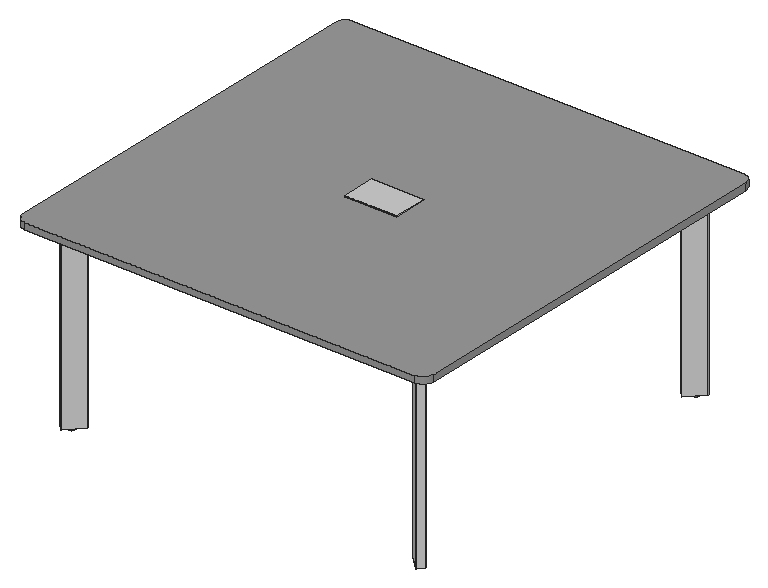
Revit family "Haworth_Planes_ConferenceDesk_Square_AP_PRELIMINARY", category Furniture, Revit 2019
Family settings
  OmniClass Number = 23.40.70.14.64.21
  OmniClass Title = Systems Furniture
  Work Plane-Based = No
  Always vertical = Yes
  Cut with Voids When Loaded = No
  Shared = No
  Room Calculation Point = No
Parameters (values of type "1600w")
  Warranty = "http://www.haworth.com/resources/product-info/warranties"
  URL - Product = "https://www.haworth.com/ap/en/products/conference-tables/planes-0.html"
  Top Finish [instance] = Haworth _ Laminate _ Undecided _ Tables
  Support Finish [instance] = Haworth _ Paint _ Undecided _ Table
  Model = "WOPLTCS"  # constant formula
  Leg Height = Actual Height - 25 mm  # 715 mm
  Glide Finish = Haworth _ Polymer _ Black
  Flip Top Finish = Haworth _ Paint _ Undecided _ Table
  Flip Top = yes
  Description = "Haworth - Planes - Conference Table - Square"  # constant formula
  URL = "https://www.haworth.com/ap/en.html"
  Size = "Verify Final Dim. w/ Haworth"  # constant formula
  Revision Number = "1"  # constant formula
  Manufacturer = "Haworth"  # constant formula
  Author = "Haworth (Abd Rahman)"  # constant formula
  Assembly Code = "E2020200"
  Actual Width = 1600 mm
  Actual Height = 740 mm  # constant formula
  Actual Depth = Actual Width  # 1600 mm
Types (5, lengths in mm): name | Flip Top | Actual Width | Actual Depth
  (no name) | yes | 1600 | 1600
  1000w | no | 1000 | 1000
  1200w | yes | 1200 | 1200
  1400w | no | 1400 | 1400
  1600w | yes | 1600 | 1600
Reference planes
  plane 1 "Center F/B": y = 0
  plane 2: z = 0
  plane 3 "Top": z = 740
  plane 4: x = 0
  plane 5: z = 715
  plane 6: x = -800
  plane 7: x = 800
  plane 8: y = 800
  plane 9: y = -800
  plane 10: x = -670
  plane 11: x = 670
  plane 12: y = -670
  plane 13: y = 670
Dimensions and locks
  "Actual Height": plane 3 "Top" to level
  "Actual Width": plane 6 to plane 7
  equal spacing: plane 6, plane 4, plane 7
  equal spacing: plane 8, plane 1 "Center F/B", plane 9
  "Actual Depth": plane 8 to plane 9
  locked: plane 3 "Top" to plane 5 at 25
  locked: plane 6 to plane 10 at 130
  locked: plane 11 to plane 7 at 130
  locked: plane 12 to plane 9 at 130
  locked: plane 13 to plane 8 at 130
  aligned and locked: nested 1 to plane 4
  aligned and locked: plane 1 "Center F/B" to nested 1
  aligned and locked: plane 3 "Top" to nested 1
  aligned and locked: nested 2 to plane 4
  aligned and locked: plane 1 "Center F/B" to nested 2
  aligned and locked: nested 2 to plane 3 "Top"
  aligned and locked: nested 3 to plane 11
  aligned and locked: plane 13 to nested 3
  aligned and locked: nested 4 to plane 13
  aligned and locked: nested 4 to plane 10
  aligned and locked: plane 12 to nested 6
  aligned and locked: nested 5 to plane 12
  aligned and locked: nested 6 to plane 10
  aligned and locked: nested 5 to plane 11
  aligned and locked: level to nested 6
  aligned and locked: nested 4 to level
  aligned and locked: nested 5 to level
  aligned and locked: level to nested 3
Nested families
  nested 1: "Haworth_Planes_Top_AP-PART" at (556.859, 72.1, 5), Top Finish <- "Top Finish", type "Conference Desk - Top"
    with Top Finish Haworth _ Laminate _ Undecided _ Tables, Squared Corners no, Round Table no, Actual Width 1600 mm, Actual Depth 1600 mm
  nested 2: "Haworth-Flip Top" at (-14.487, -1.333, -60), visible <- "Flip Top", type "Flip Top - Visio"
    with Actual Width 200 mm, Actual Depth 130 mm
  nested 3: "Haworth_Planes_InteriorLeg_AP-PART" at (1301.859, 962.1, 0), Leg Finish <- "Support Finish", type "Interior Leg"
    with Leg Finish Haworth _ Paint _ Undecided _ Table, Actual Height 715 mm
  nested 4: "Haworth_Planes_InteriorLeg_AP-PART" at (-1301.859, 962.1, 0) x (-1, 0, 0) z (0, 0, 1), Leg Finish <- "Support Finish", type "Interior Leg"
    with Leg Finish Haworth _ Paint _ Undecided _ Table, Actual Height 715 mm
  nested 5: "Haworth_Planes_InteriorLeg_AP-PART" at (1301.859, -962.1, 0), Leg Finish <- "Support Finish", type "Interior Leg"
    with Leg Finish Haworth _ Paint _ Undecided _ Table, Actual Height 715 mm
  nested 6: "Haworth_Planes_InteriorLeg_AP-PART" at (-1301.859, -962.1, 0) x (-1, 0, 0) z (0, 0, 1), Leg Finish <- "Support Finish", type "Interior Leg"
    with Leg Finish Haworth _ Paint _ Undecided _ Table, Actual Height 715 mm
Definition of nested family "Haworth_Planes_Top_AP-PART"
  Parameters (values of type "Conference Desk - Top")
    Warranty = "http://www.haworth.com/resources/product-info/warranties"
    URL - Product = ""
    URL = ""
    Top Finish [instance] = none
    Thickness = 25 mm
    Squared Corners = yes
    Size = "Verify Final Dim. w/ Haworth"  # constant formula
    Rounded Corners = yes
    Round Table = yes
    Revision Number = "1"  # constant formula
    Model = ""
    Manufacturer = "Haworth"  # constant formula
    Description = ""
    Author = "Haworth (Abd Rahman)"  # constant formula
    Assembly Code = "E2020200"
    Actual Width = 2000 mm
    Actual Mounting Height = 450 mm
    Actual Diameter = 600 mm
    Actual Depth = 1200 mm
  Reference planes
    plane 1: z = -5
    plane 2: x = -1556.859
    plane 3: x = 443.141
    plane 4: x = -556.859
    plane 5: y = 527.9
    plane 6: y = -672.1
    plane 7: y = -72.1
    plane 8: z = 735
    plane 9: z = 710
    plane 10: x = 438.203
    plane 11: x = -1551.922
    plane 12: y = 523.298
    plane 13: y = -667.498
  Forms (mm)
    Extrusion 1, solid, material <- "Top Finish", visible <- "Squared Corners"
      sketch origin (0, 0, -5) x (1, 0, 0) y (0, 1, 0)
        loop
          line (-1556.859, 527.9) -> (-1556.859, -672.1) -> (443.141, -672.1) -> (443.141, 527.9) -> (-1556.859, 527.9)
      from 715 to 740
    Extrusion 2, solid, material <- "Top Finish", visible <- "Rounded Corners"
      sketch origin (0, 0, -5) x (1, 0, 0) y (0, 1, 0)
        loop
          arc (-1511.922, 523.298) -> (-1540.206, 511.583) -> (-1551.922, 483.298) r 40
          line (-1551.922, 483.298) -> (-1551.922, -627.498)
          arc (-1551.922, -627.498) -> (-1540.206, -655.783) -> (-1511.922, -667.498) r 40
          line (-1511.922, -667.498) -> (398.203, -667.498)
          arc (398.203, -667.498) -> (426.488, -655.783) -> (438.203, -627.498) r 40
          line (438.203, -627.498) -> (438.203, 483.298)
          arc (438.203, 483.298) -> (426.488, 511.583) -> (398.203, 523.298) r 40
          line (398.203, 523.298) -> (-1511.922, 523.298)
      from 715 to 740
    Extrusion 3, solid, material <- "Top Finish", visible <- "Round Table"
      sketch origin (0, 0, -5) x (1, 0, 0) y (0, 1, 0)
        loop
          circle (-556.859, -72.1) r 600
      from 715 to 740
  Lines and regions (mm)
    Masking region 1, visible <- "Squared Corners"
      outline origin (0, 0, -5) x (1, 0, 0) y (0, 1, 0)
        loop
          line (-1556.859, 527.9) -> (-1556.859, -672.1) -> (443.141, -672.1) -> (443.141, 527.9) -> (-1556.859, 527.9)
    Masking region 2, visible <- "Rounded Corners"
      outline origin (0, 0, -5) x (1, 0, 0) y (0, 1, 0)
        loop
          arc (-1516.859, 527.9) -> (-1545.143, 516.184) -> (-1556.859, 487.9) r 40
          line (-1556.859, 487.9) -> (-1556.859, -632.1)
          arc (-1556.859, -632.1) -> (-1545.143, -660.384) -> (-1516.859, -672.1) r 40
          line (-1516.859, -672.1) -> (403.141, -672.1)
          arc (403.141, -672.1) -> (431.425, -660.384) -> (443.141, -632.1) r 40
          line (443.141, -632.1) -> (443.141, 487.9)
          arc (443.141, 487.9) -> (431.425, 516.184) -> (403.141, 527.9) r 40
          line (403.141, 527.9) -> (-1516.859, 527.9)
    Masking region 3, visible <- "Round Table"
      outline origin (0, 0, -5) x (1, 0, 0) y (0, 1, 0)
        loop
          circle (-556.859, -72.1) r 600
  Dimensions and locks
    equal spacing: plane 2, plane 4, plane 3
    equal spacing: plane 6, plane 7, plane 5
    "Actual Width": plane 2 to plane 3
    "Actual Depth": plane 6 to plane 5
    locked: plane 8 to plane 9 at 25
    locked: plane 2 to plane 11 at 4.937
    locked: plane 10 to plane 3 at 4.938
    locked: plane 12 to plane 5 at 4.602
    locked: plane 6 to plane 13 at 4.602
    "Actual Diameter": radius of Extrusion 3 sketch curve
    "Actual Diameter": radius of Masking region 3 sketch curve
    aligned and locked: level to plane 1
    aligned and locked: plane 3 to Extrusion 1 sketch curve
    aligned and locked: plane 5 to Extrusion 1 sketch curve
    aligned and locked: Extrusion 1 sketch curve to plane 6
    aligned and locked: Extrusion 1 sketch curve to plane 2
    aligned and locked: plane 8 to Extrusion 1
    aligned and locked: Extrusion 1 to plane 9
    aligned and locked: plane 10 to Extrusion 2 sketch curve
    aligned and locked: Extrusion 2 sketch curve to plane 12
    aligned and locked: Extrusion 2 sketch curve to plane 13
    aligned and locked: plane 11 to Extrusion 2 sketch curve
    aligned and locked: Extrusion 2 to plane 9
    aligned and locked: plane 3 to Masking region 1 sketch curve
    aligned and locked: Masking region 1 sketch curve to plane 6
    aligned and locked: plane 5 to Masking region 1 sketch curve
    aligned and locked: Masking region 1 sketch curve to plane 2
    aligned and locked: plane 3 to Masking region 2 sketch curve
    aligned and locked: Masking region 2 sketch curve to plane 6
    aligned and locked: plane 5 to Masking region 2 sketch curve
    aligned and locked: Masking region 2 sketch curve to plane 2
    aligned and locked: plane 8 to Extrusion 2
    aligned and locked: plane 4 to Extrusion 3 sketch curve
    aligned and locked: plane 7 to Extrusion 3 sketch curve
    aligned and locked: plane 8 to Extrusion 3
    aligned and locked: Extrusion 3 to plane 9
    aligned and locked: plane 4 to Masking region 3 sketch curve
    aligned and locked: plane 7 to Masking region 3 sketch curve
  Automatic sketch dimensions
    plane 11 to Extrusion 2 sketch curve = 40 mm  (x2)
    plane 10 to Extrusion 2 sketch curve = 40 mm  (x2)
    Extrusion 2 sketch curve to plane 13 = 40 mm  (x2)
    plane 11 to Masking region 2 sketch curve = 35.063 mm  (x2)
    plane 10 to Masking region 2 sketch curve = 35.062 mm  (x2)
Definition of nested family "Haworth-Flip Top"
  Parameters (values of type "Flip Top - Visio")
    Warranty = ""
    URL - Product = ""
    URL = ""
    Sustainability Info = ""
    Size = "Verify Final Dim. w/ Haworth"  # constant formula
    Single Sided = no
    Single Sided Wide = yes
    Revision Number = ""
    OmniClass Number = ""
    Material Options = ""
    Manufacturer = "Haworth"  # constant formula
    LEED Data = ""
    Flip Top Height = 25 mm
    Flip Top Finish = none
    Double Sided = no
    Double Sided Wide = no
    Author = "SHAPE Environments, LLC"  # constant formula
    Assembly Code = ""
    Actual Width = 500 mm
    Actual Height = 800 mm
    Actual Depth = 110 mm
  Reference planes
    plane 1 "Center F/B": y = 1.333
    plane 2: z = 0
    plane 3 "Center L/R": x = 14.487
    plane 4 "Back": y = 56.333
    plane 5 "Right": x = 264.487
    plane 6 "Front": y = -53.667
    plane 7 "Left": x = -235.513
    plane 8 "Table Height": z = 800
    plane 9: z = 775
  Forms (mm)
    Extrusion 1, solid, material <- "Flip Top Finish"
      sketch origin (0, 0, 800) x (-1, 0, 0) y (0, -1, 0)
        loop
          line (235.513, -56.333) -> (235.513, 53.667) -> (-264.487, 53.667) -> (-264.487, -56.333) -> (235.513, -56.333)
      from 0 to 3.175
    Extrusion 2, solid, material <- "Flip Top Finish"
      sketch origin (0, 0, 800) x (-1, 0, 0) y (0, -1, 0)
        loop
          line (232.338, -51.571) -> (232.338, 48.904) -> (-261.312, 48.904) -> (-261.312, -51.571) -> (232.338, -51.571)
      from 0 to -25
  Cuts and joins
    joined: Extrusion 1, Extrusion 2
  Lines and regions (mm)
    symbolic lines
      curve 1: line (-235.513, 56.333, 800) -> (264.487, 56.333, 800)
      curve 2: line (-235.513, -53.667, 800) -> (-235.513, 56.333, 800)
      curve 3: line (264.487, -53.667, 800) -> (-235.513, -53.667, 800)
      curve 4: line (264.487, 56.333, 800) -> (264.487, -53.667, 800)
  Dimensions and locks
    equal spacing: plane 7 "Left", plane 3 "Center L/R", plane 5 "Right"
    "Actual Width": plane 7 "Left" to plane 5 "Right"
    equal spacing: plane 6 "Front", plane 1 "Center F/B", plane 4 "Back"
    "Actual Depth": plane 4 "Back" to plane 6 "Front"
    plane 7 "Left" to Extrusion 2 sketch curve = 3.175 mm
    plane 4 "Back" to Extrusion 2 sketch curve = 4.762 mm
    Extrusion 2 sketch curve to plane 5 "Right" = 3.175 mm
    Extrusion 2 sketch curve to plane 6 "Front" = 4.763 mm
    "Actual Height": plane 8 "Table Height" to level
    "Flip Top Height": plane 8 "Table Height" to plane 9
    aligned and locked: plane 7 "Left" to Extrusion 1 sketch curve
    aligned and locked: Extrusion 1 sketch curve to plane 4 "Back"
    aligned and locked: Extrusion 1 sketch curve to plane 6 "Front"
    aligned and locked: Extrusion 1 sketch curve to plane 5 "Right"
    aligned and locked: cut or joined group of Extrusion 1, Extrusion 2 to plane 9
  Automatic sketch dimensions
    curve 4 to plane 5 "Right" = 0 mm
    curve 2 to plane 4 "Back" = 0 mm
    curve 2 to plane 7 "Left" = 0 mm
    curve 4 to plane 6 "Front" = 0 mm
Definition of nested family "Haworth_Planes_InteriorLeg_AP-PART"
  Parameters (values of type "Interior Leg")
    Warranty = "http://www.haworth.com/resources/product-info/warranties"
    URL - Product = ""
    URL = "https://www.haworth.com/ap/en.html"
    Size = "Verify Final Dim. w/ Haworth"  # constant formula
    Revision Number = "1"  # constant formula
    Model = ""
    Manufacturer = "Haworth"  # constant formula
    Leg Finish [instance] = none
    Glide Finish = none
    Description = ""
    Author = "Haworth (Abd Rahman)"  # constant formula
    Assembly Code = "E2020200"
    Actual Width = 190 mm  # constant formula
    Actual Height = 700 mm
    Actual Depth = 190 mm  # constant formula
  Reference planes
    plane 1: z = 0
    plane 2 "Center F/B": y = -292.1
    plane 3 "Top": z = 700
    plane 4: z = 692
    plane 5: x = -631.859
    plane 6: y = -209.465
    plane 7: y = -399.465
    plane 8: x = -543.029
    plane 9: x = -733.029
    plane 10: z = 5.995
  Forms (mm)
    Extrusion 1, solid, material <- "Leg Finish"
      sketch origin (5860.38, -452.873, 0) x (1, 0, 0) y (0, 1, 0)
        loop
          line (-6454.785, 176.424) -> (-6473.569, 195.207)
          arc (-6473.569, 195.207) -> (-6474.283, 195.503) -> (-6474.998, 195.207) r 1.011
          line (-6474.998, 195.207) -> (-6531.948, 138.258)
          arc (-6531.948, 138.258) -> (-6532.241, 137.55) -> (-6531.948, 136.843) r 1
          line (-6531.948, 136.843) -> (-6513.189, 118.084)
          arc (-6513.189, 118.084) -> (-6512.45, 117.778) -> (-6511.71, 118.084) r 1.046
          line (-6511.71, 118.084) -> (-6454.785, 175.009)
          arc (-6454.785, 175.009) -> (-6454.492, 175.717) -> (-6454.785, 176.424) r 1
      from 5.995 to 692
    Extrusion 2, solid, material <- "Leg Finish"
      sketch origin (5860.38, -452.873, 0) x (1, 0, 0) y (0, 1, 0)
        loop
          line (-6426.372, 171.44) -> (-6478.942, 224.011)
          arc (-6478.942, 224.011) -> (-6482.478, 225.475) -> (-6486.013, 224.011) r 5
          line (-6486.013, 224.011) -> (-6501.788, 208.236)
          arc (-6501.788, 208.236) -> (-6509.725, 206.834) -> (-6513.763, 213.809) r 7.03
          line (-6513.763, 213.809) -> (-6512.918, 223.661)
          arc (-6512.918, 223.661) -> (-6513.853, 226.61) -> (-6516.599, 228.036) r 4.044
          line (-6516.599, 228.036) -> (-6543.901, 230.395)
          arc (-6543.901, 230.395) -> (-6545.581, 230.843) -> (-6547.006, 231.841) r 5
          line (-6547.006, 231.841) -> (-6554.227, 239.061)
          arc (-6554.227, 239.061) -> (-6556.792, 240.856) -> (-6559.816, 241.664) r 9
          line (-6559.816, 241.664) -> (-6580.001, 243.408)
          arc (-6580.001, 243.408) -> (-6583.649, 242.253) -> (-6585.413, 238.857) r 5
          line (-6585.413, 238.857) -> (-6593.408, 146.323)
          arc (-6593.408, 146.323) -> (-6592.254, 142.674) -> (-6588.857, 140.911) r 5
          line (-6588.857, 140.911) -> (-6558.479, 138.286)
          arc (-6558.479, 138.286) -> (-6556.799, 137.837) -> (-6555.374, 136.84) r 5
          line (-6555.374, 136.84) -> (-6513.16, 94.626)
          arc (-6513.16, 94.626) -> (-6512.163, 93.201) -> (-6511.714, 91.521) r 5
          line (-6511.714, 91.521) -> (-6509.089, 61.143)
          arc (-6509.089, 61.143) -> (-6507.326, 57.746) -> (-6503.677, 56.592) r 5
          line (-6503.677, 56.592) -> (-6411.641, 64.544)
          arc (-6411.641, 64.544) -> (-6407.905, 66.484) -> (-6406.635, 70.497) r 5.5
          line (-6406.635, 70.497) -> (-6408.336, 90.184)
          arc (-6408.336, 90.184) -> (-6409.144, 93.208) -> (-6410.939, 95.773) r 9
          line (-6410.939, 95.773) -> (-6418.236, 103.07)
          arc (-6418.236, 103.07) -> (-6419.056, 104.239) -> (-6419.429, 105.616) r 4.131
          line (-6419.429, 105.616) -> (-6421.969, 133.464)
          arc (-6421.969, 133.464) -> (-6423.384, 136.167) -> (-6426.294, 137.086) r 4
          line (-6426.294, 137.086) -> (-6436.271, 136.23)
          arc (-6436.271, 136.23) -> (-6443.217, 140.252) -> (-6441.82, 148.156) r 7.001
          line (-6441.82, 148.156) -> (-6426.372, 163.604)
          arc (-6426.372, 163.604) -> (-6424.749, 167.522) -> (-6426.372, 171.44) r 5.541
      from 692 to 700
    Extrusion 3, solid, material <- "Glide Finish"
      sketch origin (35.938, -51.741, 0) x (1, 0, 0) y (0, 1, 0)
        loop
          line (-661.294, -228.493) -> (-671.815, -228.493) -> (-679.255, -235.933) -> (-679.255, -246.454) -> (-671.815, -253.893) -> (-661.294, -253.893) -> (-653.855, -246.454) -> (-653.855, -235.933) -> (-661.294, -228.493)
      from 0 to 5.995
  Lines and regions (mm)
    Masking region 1
      outline origin (0, 0, 0) x (1, 0, 0) y (0, 1, 0)
        loop
          line (-565.992, -281.433) -> (-618.563, -228.862)
          arc (-618.563, -228.862) -> (-622.098, -227.398) -> (-625.634, -228.862) r 5
          line (-625.634, -228.862) -> (-641.408, -244.636)
          arc (-641.408, -244.636) -> (-649.345, -246.039) -> (-653.384, -239.064) r 7.03
          line (-653.384, -239.064) -> (-652.538, -229.212)
          arc (-652.538, -229.212) -> (-653.473, -226.263) -> (-656.22, -224.837) r 4.044
          line (-656.22, -224.837) -> (-683.522, -222.478)
          arc (-683.522, -222.478) -> (-685.202, -222.029) -> (-686.627, -221.032) r 5
          line (-686.627, -221.032) -> (-693.847, -213.811)
          arc (-693.847, -213.811) -> (-696.412, -212.017) -> (-699.437, -211.209) r 9
          line (-699.437, -211.209) -> (-719.621, -209.465)
          arc (-719.621, -209.465) -> (-723.27, -210.619) -> (-725.033, -214.016) r 5
          line (-725.033, -214.016) -> (-733.029, -306.55)
          arc (-733.029, -306.55) -> (-731.874, -310.199) -> (-728.478, -311.962) r 5
          line (-728.478, -311.962) -> (-698.1, -314.587)
          arc (-698.1, -314.587) -> (-696.42, -315.036) -> (-694.995, -316.033) r 5
          line (-694.995, -316.033) -> (-652.78, -358.247)
          arc (-652.78, -358.247) -> (-651.783, -359.672) -> (-651.335, -361.352) r 5
          line (-651.335, -361.352) -> (-648.71, -391.73)
          arc (-648.71, -391.73) -> (-646.946, -395.126) -> (-643.298, -396.281) r 5
          line (-643.298, -396.281) -> (-551.262, -388.328)
          arc (-551.262, -388.328) -> (-547.526, -386.389) -> (-546.256, -382.375) r 5.5
          line (-546.256, -382.375) -> (-547.957, -362.689)
          arc (-547.957, -362.689) -> (-548.764, -359.664) -> (-550.559, -357.1) r 9
          line (-550.559, -357.1) -> (-557.857, -349.802)
          arc (-557.857, -349.802) -> (-558.676, -348.634) -> (-559.049, -347.257) r 4.131
          line (-559.049, -347.257) -> (-561.589, -319.409)
          arc (-561.589, -319.409) -> (-563.005, -316.705) -> (-565.915, -315.787) r 4
          line (-565.915, -315.787) -> (-575.891, -316.643)
          arc (-575.891, -316.643) -> (-582.837, -312.621) -> (-581.44, -304.717) r 7.001
          line (-581.44, -304.717) -> (-565.992, -289.269)
          arc (-565.992, -289.269) -> (-564.369, -285.351) -> (-565.992, -281.433) r 5.541
        loop
          line (-651.331, -334.788) -> (-594.405, -277.863)
          arc (-594.405, -277.863) -> (-594.113, -277.156) -> (-594.405, -276.449) r 1
          line (-594.405, -276.449) -> (-613.189, -257.666)
          arc (-613.189, -257.666) -> (-613.904, -257.369) -> (-614.619, -257.666) r 1.011
          line (-614.619, -257.666) -> (-671.568, -314.615)
          arc (-671.568, -314.615) -> (-671.861, -315.322) -> (-671.568, -316.029) r 1
          line (-671.568, -316.029) -> (-652.809, -334.788)
          arc (-652.809, -334.788) -> (-652.07, -335.095) -> (-651.331, -334.788) r 1.046
    Masking region 2
      outline origin (0, 0, 0) x (1, 0, 0) y (0, 1, 0)
        loop
          line (-617.917, -287.674) -> (-625.357, -280.234) -> (-635.878, -280.234) -> (-643.317, -287.674) -> (-643.317, -298.195) -> (-635.878, -305.634) -> (-625.357, -305.634) -> (-617.917, -298.195) -> (-617.917, -287.674)
  Dimensions and locks
    "Actual Height": plane 3 "Top" to plane 1
    plane 3 "Top" to level = 700 mm
    locked: plane 3 "Top" to plane 4 at 8
    plane 6 to plane 2 "Center F/B" to plane 7 = 82.635 mm, 107.365 mm
    plane 9 to plane 5 to plane 8 = 101.17 mm, 88.83 mm
    "Actual Width": plane 9 to plane 8
    "Actual Depth": plane 6 to plane 7
    locked: plane 10 to level at 5.995
    aligned and locked: plane 3 "Top" to Extrusion 2
    aligned and locked: plane 4 to Extrusion 2
    aligned and locked: Extrusion 1 to plane 4
    aligned and locked: level to plane 1
    aligned and locked: plane 10 to Extrusion 3
    aligned and locked: Extrusion 3 to level
    aligned and locked: Extrusion 1 to plane 10
  Automatic sketch dimensions
    Extrusion 1 sketch curve to Extrusion 1 sketch curve = 0 mm
    Extrusion 1 sketch curve to Extrusion 1 sketch curve = 0.707 mm  (x5)
    Extrusion 1 sketch curve to Extrusion 1 sketch curve = 18.759 mm
    Extrusion 1 sketch curve to Extrusion 1 sketch curve = 0.739 mm  (x3)
    Extrusion 1 sketch curve to Extrusion 1 sketch curve = 56.95 mm
    Extrusion 1 sketch curve to Extrusion 1 sketch curve = 0.715 mm  (x3)
    Extrusion 1 sketch curve to Extrusion 1 sketch curve = 18.791 mm
    Extrusion 2 sketch curve to Extrusion 2 sketch curve = 4.551 mm  (x2)
    Extrusion 2 sketch curve to Extrusion 2 sketch curve = 0.43 mm  (x6)
    Extrusion 2 sketch curve to Extrusion 2 sketch curve = 7.996 mm
    Extrusion 2 sketch curve to Extrusion 2 sketch curve = 4.981 mm  (x3)
    Extrusion 2 sketch curve to Extrusion 2 sketch curve = 19.84 mm
    Extrusion 2 sketch curve to Extrusion 2 sketch curve = 0.775 mm  (x2)
    Extrusion 2 sketch curve to Extrusion 2 sketch curve = 29.947 mm  (x2)
    Extrusion 2 sketch curve to Extrusion 2 sketch curve = 3.105 mm  (x2)
    Extrusion 2 sketch curve to Extrusion 2 sketch curve = 5.589 mm
    Extrusion 2 sketch curve to Extrusion 2 sketch curve = 7.221 mm
    Extrusion 2 sketch curve to Extrusion 2 sketch curve = 3.536 mm  (x6)
    Extrusion 2 sketch curve to Extrusion 2 sketch curve = 26.954 mm
    Extrusion 2 sketch curve to Extrusion 2 sketch curve = 42.214 mm  (x2)
    Extrusion 2 sketch curve to Extrusion 2 sketch curve = 0.348 mm
    Extrusion 2 sketch curve to Extrusion 2 sketch curve = 3.184 mm
    Extrusion 2 sketch curve to Extrusion 2 sketch curve = 4.03 mm
    Extrusion 2 sketch curve to Extrusion 2 sketch curve = 1.446 mm  (x2)
    Extrusion 2 sketch curve to Extrusion 2 sketch curve = 2.625 mm
    Extrusion 2 sketch curve to Extrusion 2 sketch curve = 7.005 mm
    Extrusion 2 sketch curve to Extrusion 2 sketch curve = 4.971 mm  (x2)
    Extrusion 2 sketch curve to Extrusion 2 sketch curve = 15.774 mm
    Extrusion 2 sketch curve to Extrusion 2 sketch curve = 40.658 mm
    Extrusion 2 sketch curve to Extrusion 2 sketch curve = 4.951 mm
    Extrusion 2 sketch curve to Extrusion 2 sketch curve = 0.599 mm
    Extrusion 2 sketch curve to Extrusion 2 sketch curve = 11.53 mm
    Extrusion 2 sketch curve to Extrusion 2 sketch curve = 3.918 mm  (x3)
    Extrusion 2 sketch curve to Extrusion 2 sketch curve = 9.976 mm
    Extrusion 2 sketch curve to Extrusion 2 sketch curve = 0.342 mm
    Extrusion 2 sketch curve to Extrusion 2 sketch curve = 3.983 mm
    Extrusion 2 sketch curve to Extrusion 2 sketch curve = 2.54 mm
    Extrusion 2 sketch curve to Extrusion 2 sketch curve = 1.193 mm
    Extrusion 2 sketch curve to Extrusion 2 sketch curve = 0.933 mm
    Extrusion 2 sketch curve to Extrusion 2 sketch curve = 2.921 mm
    Extrusion 2 sketch curve to Extrusion 2 sketch curve = 5.188 mm
    Extrusion 2 sketch curve to Extrusion 2 sketch curve = 0.473 mm
    Extrusion 2 sketch curve to Extrusion 2 sketch curve = 6.364 mm  (x2)
    Extrusion 2 sketch curve to Extrusion 2 sketch curve = 2.603 mm
    Extrusion 2 sketch curve to Extrusion 2 sketch curve = 5.48 mm  (x2)
    plane 5 to Extrusion 1 sketch curve = 39.709 mm
    plane 5 to Extrusion 2 sketch curve = 101.17 mm
    Extrusion 1 sketch curve to plane 2 "Center F/B" = 14.237 mm
    Extrusion 1 sketch curve to Extrusion 1 sketch curve = 18.776 mm
    Extrusion 2 sketch curve to Extrusion 2 sketch curve = 19.385 mm
    Extrusion 2 sketch curve to Extrusion 2 sketch curve = 7.297 mm
    Extrusion 2 sketch curve to Extrusion 2 sketch curve = 2.546 mm
    Extrusion 2 sketch curve to Extrusion 2 sketch curve = 0.363 mm
    Extrusion 2 sketch curve to Extrusion 2 sketch curve = 0.856 mm
    Extrusion 2 sketch curve to Extrusion 2 sketch curve = 6.976 mm
    Extrusion 2 sketch curve to plane 2 "Center F/B" = 2.831 mm
    Extrusion 2 sketch curve to plane 2 "Center F/B" = 47.464 mm
    Extrusion 2 sketch curve to Extrusion 2 sketch curve = 12.239 mm
    Extrusion 2 sketch curve to Extrusion 2 sketch curve = 9.852 mm
    Extrusion 2 sketch curve to Extrusion 2 sketch curve = 0.346 mm
    Extrusion 2 sketch curve to Extrusion 2 sketch curve = 2.359 mm
    Extrusion 2 sketch curve to Extrusion 2 sketch curve = 0.857 mm
    Extrusion 2 sketch curve to Extrusion 2 sketch curve = 5.729 mm
    plane 2 "Center F/B" to Extrusion 1 sketch curve = 22.515 mm
    Extrusion 1 sketch curve to Extrusion 1 sketch curve = 18.727 mm
    plane 2 "Center F/B" to Extrusion 2 sketch curve = 12.617 mm
    plane 2 "Center F/B" to Extrusion 2 sketch curve = 14.45 mm
    plane 2 "Center F/B" to Extrusion 2 sketch curve = 22.487 mm
    Extrusion 2 sketch curve to Extrusion 2 sketch curve = 27.473 mm
    Masking region 1 sketch curve to plane 9 = 0 mm
    Masking region 1 sketch curve to plane 6 = 0 mm
    Masking region 1 sketch curve to plane 9 = 4.551 mm
    Masking region 1 sketch curve to plane 9 = 4.981 mm
    Masking region 1 sketch curve to plane 6 = 4.551 mm
    Masking region 1 sketch curve to plane 9 = 7.996 mm
    Masking region 1 sketch curve to Masking region 1 sketch curve = 4.981 mm  (x3)
    Masking region 1 sketch curve to Masking region 1 sketch curve = 0.43 mm  (x5)
    Masking region 1 sketch curve to Masking region 1 sketch curve = 19.84 mm
    Masking region 1 sketch curve to plane 6 = 1.744 mm
    Masking region 1 sketch curve to Masking region 1 sketch curve = 0.775 mm  (x2)
    Masking region 1 sketch curve to Masking region 1 sketch curve = 29.947 mm  (x2)
    Masking region 1 sketch curve to Masking region 1 sketch curve = 3.105 mm  (x2)
    Masking region 1 sketch curve to plane 6 = 4.347 mm
    Masking region 1 sketch curve to Masking region 1 sketch curve = 5.589 mm
    Masking region 1 sketch curve to plane 6 = 11.567 mm
    Masking region 1 sketch curve to Masking region 1 sketch curve = 7.221 mm
    Masking region 1 sketch curve to plane 6 = 13.013 mm
    plane 5 to Masking region 1 sketch curve = 24.709 mm
    plane 5 to Masking region 1 sketch curve = 24.457 mm
    Masking region 1 sketch curve to Masking region 1 sketch curve = 0.348 mm
    Masking region 1 sketch curve to Masking region 1 sketch curve = 3.184 mm
    Masking region 1 sketch curve to Masking region 1 sketch curve = 3.536 mm  (x5)
    Masking region 1 sketch curve to Masking region 1 sketch curve = 4.03 mm
    Masking region 1 sketch curve to Masking region 1 sketch curve = 1.446 mm
    plane 7 to Masking region 1 sketch curve = 7.735 mm
    plane 5 to Masking region 1 sketch curve = 16.851 mm
    Masking region 1 sketch curve to Masking region 1 sketch curve = 7.005 mm
    plane 7 to Masking region 1 sketch curve = 3.184 mm
    Masking region 1 sketch curve to Masking region 1 sketch curve = 4.971 mm  (x2)
    Masking region 1 sketch curve to plane 5 = 6.225 mm
    plane 2 "Center F/B" to Masking region 1 sketch curve = 12.617 mm
    plane 8 to Masking region 1 sketch curve = 38.412 mm
    Masking region 1 sketch curve to Masking region 1 sketch curve = 4.951 mm
    plane 2 "Center F/B" to Masking region 1 sketch curve = 24.543 mm
    Masking region 1 sketch curve to Masking region 1 sketch curve = 0.599 mm
    Masking region 1 sketch curve to plane 2 "Center F/B" = 6.749 mm
    Masking region 1 sketch curve to Masking region 1 sketch curve = 11.53 mm
    Masking region 1 sketch curve to plane 2 "Center F/B" = 2.831 mm
    Masking region 1 sketch curve to Masking region 1 sketch curve = 3.918 mm
    Masking region 1 sketch curve to plane 2 "Center F/B" = 10.667 mm
    Masking region 1 sketch curve to Masking region 1 sketch curve = 9.976 mm
    Masking region 1 sketch curve to Masking region 1 sketch curve = 0.342 mm
    Masking region 1 sketch curve to Masking region 1 sketch curve = 3.983 mm
    plane 8 to Masking region 1 sketch curve = 16.021 mm
    Masking region 1 sketch curve to Masking region 1 sketch curve = 1.193 mm
    Masking region 1 sketch curve to Masking region 1 sketch curve = 0.933 mm
    Masking region 1 sketch curve to Masking region 1 sketch curve = 2.921 mm
    plane 8 to Masking region 1 sketch curve = 8.706 mm
    Masking region 1 sketch curve to Masking region 1 sketch curve = 0.473 mm
    plane 8 to Masking region 1 sketch curve = 7.531 mm
    plane 8 to Masking region 1 sketch curve = 4.928 mm
    plane 8 to Masking region 1 sketch curve = 3.227 mm
    plane 7 to Masking region 1 sketch curve = 11.136 mm
    Masking region 1 sketch curve to Masking region 1 sketch curve = 5.48 mm
    Masking region 1 sketch curve to Masking region 1 sketch curve = 19.385 mm
    Masking region 1 sketch curve to Masking region 1 sketch curve = 7.297 mm
    Masking region 1 sketch curve to Masking region 1 sketch curve = 2.546 mm
    Masking region 1 sketch curve to Masking region 1 sketch curve = 3.129 mm
    plane 2 "Center F/B" to Masking region 1 sketch curve = 27.468 mm
    Masking region 1 sketch curve to Masking region 1 sketch curve = 0.363 mm
    plane 2 "Center F/B" to Masking region 1 sketch curve = 19.862 mm
    Masking region 1 sketch curve to plane 6 = 35.171 mm
    Masking region 1 sketch curve to Masking region 1 sketch curve = 12.239 mm
    Masking region 1 sketch curve to Masking region 1 sketch curve = 9.852 mm
    Masking region 1 sketch curve to Masking region 1 sketch curve = 0.346 mm
    plane 2 "Center F/B" to Masking region 1 sketch curve = 22.515 mm
    Masking region 1 sketch curve to Masking region 1 sketch curve = 23.426 mm
    Masking region 1 sketch curve to Masking region 1 sketch curve = 0 mm
    Masking region 1 sketch curve to Masking region 1 sketch curve = 0.707 mm  (x3)
    plane 5 to Masking region 1 sketch curve = 20.95 mm
    Masking region 1 sketch curve to Masking region 1 sketch curve = 0.739 mm  (x3)
    Masking region 1 sketch curve to plane 5 = 17.24 mm
    Masking region 1 sketch curve to Masking region 1 sketch curve = 0.715 mm  (x3)
    Masking region 1 sketch curve to Masking region 1 sketch curve = 25.202 mm
    Masking region 1 sketch curve to plane 2 "Center F/B" = 15.651 mm
    Masking region 1 sketch curve to plane 2 "Center F/B" = 14.237 mm
    Masking region 1 sketch curve to Masking region 1 sketch curve = 23.458 mm
    Masking region 1 sketch curve to Masking region 1 sketch curve = 1.414 mm
    Masking region 1 sketch curve to Masking region 1 sketch curve = 18.776 mm
    plane 5 to Extrusion 3 sketch curve = 11.458 mm
    Extrusion 3 sketch curve to plane 2 "Center F/B" = 4.426 mm  (x2)
    Extrusion 3 sketch curve to Extrusion 3 sketch curve = 0 mm  (x2)
    plane 5 to Extrusion 3 sketch curve = 4.018 mm  (x2)
    Extrusion 3 sketch curve to plane 5 = 6.503 mm  (x2)
    Extrusion 3 sketch curve to Extrusion 3 sketch curve = 7.439 mm
    plane 2 "Center F/B" to Extrusion 3 sketch curve = 6.095 mm  (x2)
    plane 2 "Center F/B" to Extrusion 3 sketch curve = 13.534 mm
    Extrusion 3 sketch curve to Extrusion 3 sketch curve = 7.44 mm
    plane 5 to Masking region 2 sketch curve = 11.458 mm
    Masking region 2 sketch curve to plane 2 "Center F/B" = 4.426 mm  (x2)
    Masking region 2 sketch curve to Masking region 2 sketch curve = 0 mm  (x2)
    plane 5 to Masking region 2 sketch curve = 4.018 mm  (x2)
    Masking region 2 sketch curve to plane 5 = 6.503 mm  (x2)
    Masking region 2 sketch curve to Masking region 2 sketch curve = 7.439 mm  (x2)
    plane 2 "Center F/B" to Masking region 2 sketch curve = 6.095 mm  (x2)
    Masking region 2 sketch curve to Masking region 2 sketch curve = 7.44 mm
